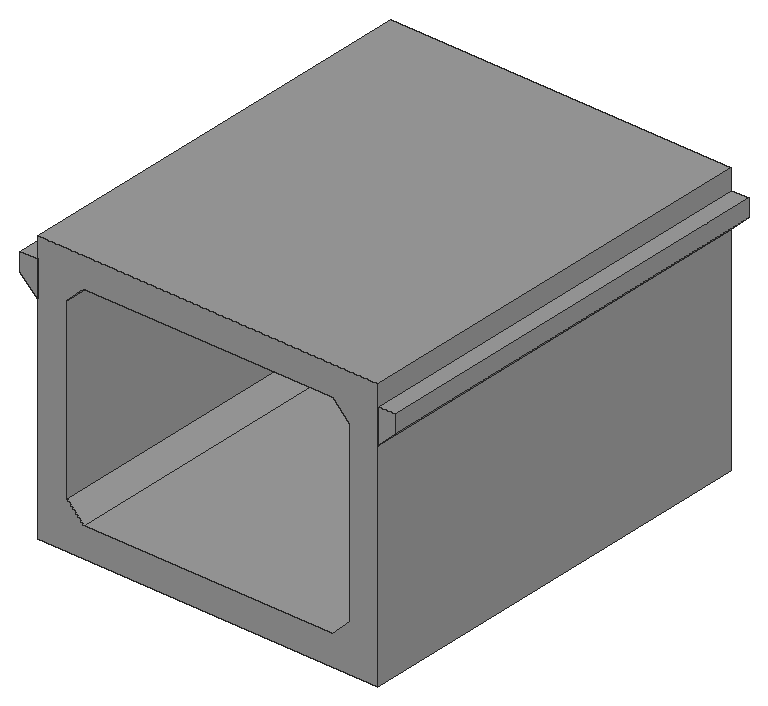
Revit family "cong hop 2.0x2.0m", category Generic Models, Revit 2027
Family settings
  Can host rebar = Yes
  Round Connector Dimension = Use Diameter
  Part Type = Normal
  Work Plane-Based = No
  Always vertical = Yes
  Cut with Voids When Loaded = No
  Maintain Annotation Orientation = No
  Shared = No
  Room Calculation Point = No
Parameters (values of type "3X4X3")
  radius cut = 2.90°
  Width = 5000 mm
  W Go = 300 mm
  Sum Width = Width + CR * 2  # 6000 mm
  Sum Height = Height + CR * 2  # 4600 mm
  Length = 7461.673 mm
  Height = 3600 mm
  H3 = 300 mm
  H2 = 300 mm
  H1 = 350 mm
  Default Elevation = 0 mm
  Chamfer = 300 mm
  CR = 500 mm
  Bê Tông = Concrete, Sand/Cement Screed
Types (4, lengths in mm): name | radius cut | Width | Sum Width | Sum Height | Length | Height | Chamfer | CR
  3X4X3 | 2.90° | 5000 | 6000 | 4600 | 7461.673 | 3600 | 300 | 500
  3X2X2 | 9.00° | 3000 | 3600 | 2600 | 2000 | 2000 | 250 | 300
  3x2.5x1m | 9.00° | 2500 | 3100 | 3600 | 1000 | 3000 | 250 | 300
  2x2x1m | 9.00° | 2000 | 2600 | 2600 | 1000 | 2000 | 250 | 300
Reference planes
  plane 1 "Center (Front/Back)": y = 0
  plane 2: z = 0
  plane 3 "Center (Left/Right)": x = 0
  plane 4: x = -2500
  plane 5: x = 2500
  plane 6: z = 4100
  plane 7: z = 500
  plane 8: x = 3000
  plane 9: x = -3000
  plane 10: z = 3800
  plane 11: x = -2200
  plane 12: z = 4600
  plane 13: x = 2200
  plane 14: z = 800
  plane 15: y = 3730.836
  plane 16: y = -3730.836
  plane 17: z = 4250
  plane 18: z = 3950
  plane 19: z = 3650
  plane 20: x = -3300
  plane 21: x = 3300
  plane 22: x = 4200
  plane 23: x = 8800
  plane 24: x = 8500
  plane 25: y = -2826.516
  plane 26: y = -4049.981
  plane 27: y = 3411.692
  plane 28: y = -3746.034
  plane 29: y = 3715.639
Forms (mm)
  Extrusion 1, solid, material "Concrete, Sand/Cement Screed" <- "Bê Tông"
    sketch origin (0, 0, 0) x (1, 0, 0) y (0, 0, 1)
      loop
        line (-3000, 4600) -> (-3000, 0) -> (3000, 0) -> (3000, 4600) -> (-3000, 4600)
      loop
        line (-2500, 3800) -> (-2500, 800) -> (-2200, 500) -> (2200, 500) -> (2500, 800) -> (2500, 3800) -> (2200, 4100) -> (-2200, 4100) -> (-2500, 3800)
    from -3730.836 to 3730.836
  Extrusion 2, solid, material "Concrete, Sand/Cement Screed" <- "Bê Tông"
    sketch origin (0, 0, 0) x (1, 0, 0) y (0, 0, 1)
      loop
        line (-3000, 4250) -> (-3300, 4250) -> (-3300, 3950) -> (-3000, 3650) -> (-3000, 4250)
    from -3715.639 to 3746.034
  Extrusion 3, solid, material "Concrete, Sand/Cement Screed" <- "Bê Tông"
    sketch origin (0, 0, 0) x (1, 0, 0) y (0, 0, 1)
      loop
        line (3000, 4250) -> (3000, 3650) -> (3300, 3950) -> (3300, 4250) -> (3000, 4250)
    from -3411.692 to 4049.981
  Extrusion 4, void
    sketch origin (0, 0, 0) x (1, 0, 0) y (0, 1, 0)
      loop
        line (-3300, 3730.836) -> (4200, 3350.903) -> (4200, 3730.836) -> (-3300, 3730.836)
    from 0 to 6811.484
  Extrusion 5, solid, material "Concrete, Sand/Cement Screed" <- "Bê Tông"
    sketch origin (0, -904.32, 0) x (1, 0, 0) y (0, 0, 1)
      loop
        line (-3000, 4600) -> (-3000, 0) -> (3000, 0) -> (3000, 4600) -> (-3000, 4600)
      loop
        line (-2500, 3800) -> (-2500, 800) -> (-2200, 500) -> (2200, 500) -> (2500, 800) -> (2500, 3800) -> (2200, 4100) -> (-2200, 4100) -> (-2500, 3800)
    from 2826.516 to 4375.5
  Extrusion 6, void
    sketch origin (-11800, -904.32, 0) x (1, 0, 0) y (0, 1, 0)
      loop
        line (8500, -2826.516) -> (8500, -4375.5) -> (14800, -4375.5) -> (14800, -3145.66) -> (8500, -2826.516)
    from 0 to 4600
Cuts and joins
  Extrusion 4 cuts Extrusion 1
  Extrusion 6 cuts Extrusion 5
  joined: Extrusion 1, Extrusion 5
Lines and regions (mm)
  reference lines
    curve 1: line (-3300, 3730.836, 0) -> (6986.809, 3209.729, 0)
    curve 2: line (-3300, -3730.836, 0) -> (5688.474, -4186.173, 0)
    curve 3: line (8500, -2826.516, 0) -> (17488.474, -3281.853, 0)
Dimensions and locks
  equal spacing: plane 5, plane 3 "Center (Left/Right)", plane 4
  "Width": plane 5 to plane 4
  "Height": plane 6 to plane 7
  "CR": plane 7 to plane 2
  "CR": plane 4 to plane 9
  "CR": plane 5 to plane 8
  "Chamfer": plane 11 to plane 4
  "Chamfer": plane 6 to plane 10
  "CR": plane 12 to plane 6
  "Chamfer": plane 13 to plane 5
  "Chamfer": plane 14 to plane 7
  "H1": plane 12 to plane 17
  "H2": plane 17 to plane 18
  "H3": plane 18 to plane 19
  "W Go": plane 9 to plane 20
  "W Go": plane 8 to plane 21
  equal spacing: plane 15, plane 1 "Center (Front/Back)", plane 16
  "Length": plane 15 to plane 16
  "radius cut": angle curve 1 to plane 15
  "radius cut": angle curve 2 to plane 16
  aligned and locked: level to plane 2
  aligned and locked: Extrusion 1 sketch curve to plane 12
  aligned and locked: plane 8 to Extrusion 1 sketch curve
  aligned and locked: plane 9 to Extrusion 1 sketch curve
  aligned and locked: Extrusion 1 sketch curve to plane 2
  aligned and locked: plane 11 to Extrusion 1 sketch curve  (x2)
  aligned and locked: plane 6 to Extrusion 1 sketch curve  (x2)
  aligned and locked: plane 10 to Extrusion 1 sketch curve  (x2)
  aligned and locked: plane 13 to Extrusion 1 sketch curve  (x2)
  aligned and locked: plane 5 to Extrusion 1 sketch curve  (x2)
  aligned and locked: plane 14 to Extrusion 1 sketch curve  (x2)
  aligned and locked: plane 7 to Extrusion 1 sketch curve  (x2)
  aligned and locked: plane 4 to Extrusion 1 sketch curve
  aligned and locked: Extrusion 1 sketch curve to plane 4
  aligned and locked: plane 15 to Extrusion 1
  aligned and locked: plane 16 to Extrusion 1
Automatic sketch dimensions
  plane 16 to curve 2 = 0 mm
  curve 2 to plane 20 = 0 mm
  curve 1 to plane 15 = 0 mm
  curve 1 to plane 20 = 0 mm
  curve 3 to plane 24 = 0 mm
  plane 25 to curve 3 = 0 mm
  curve 3 to plane 16 = 448.984 mm
  plane 23 to curve 3 = 8688.474 mm
  Extrusion 2 sketch curve to plane 17 = 0 mm
  Extrusion 2 sketch curve to plane 20 = 0 mm
  Extrusion 2 sketch curve to plane 9 = 0 mm
  Extrusion 2 sketch curve to plane 19 = 0 mm
  Extrusion 2 sketch curve to plane 18 = 0 mm
  plane 8 to Extrusion 3 sketch curve = 0 mm
  Extrusion 3 sketch curve to plane 18 = 0 mm
  plane 21 to Extrusion 3 sketch curve = 0 mm
  Extrusion 3 sketch curve to plane 19 = 0 mm
  Extrusion 3 sketch curve to plane 17 = 0 mm
  Extrusion 4 sketch curve to plane 15 = 0 mm
  Extrusion 4 sketch curve to plane 20 = 0 mm
  Extrusion 4 sketch curve to plane 22 = 0 mm
  Extrusion 4 sketch curve to plane 15 = 379.934 mm
  Extrusion 5 sketch curve to plane 9 = 0 mm
  Extrusion 5 sketch curve to plane 4 = 0 mm
  Extrusion 5 sketch curve to plane 6 = 0 mm
  Extrusion 5 sketch curve to plane 11 = 0 mm  (x2)
  Extrusion 5 sketch curve to plane 7 = 0 mm
  plane 13 to Extrusion 5 sketch curve = 0 mm  (x2)
  plane 5 to Extrusion 5 sketch curve = 0 mm
  plane 8 to Extrusion 5 sketch curve = 0 mm
  Extrusion 5 sketch curve to level = 0 mm
  Extrusion 5 sketch curve to plane 14 = 0 mm  (x2)
  Extrusion 5 sketch curve to plane 10 = 0 mm  (x2)
  Extrusion 5 sketch curve to plane 12 = 0 mm
  plane 16 to Extrusion 6 sketch curve = 0 mm
  Extrusion 6 sketch curve to plane 20 = 0 mm
  Extrusion 6 sketch curve to plane 8 = 0 mm
  plane 16 to Extrusion 6 sketch curve = 319.144 mm
  plane 16 to Extrusion 6 sketch curve = 1548.984 mm
